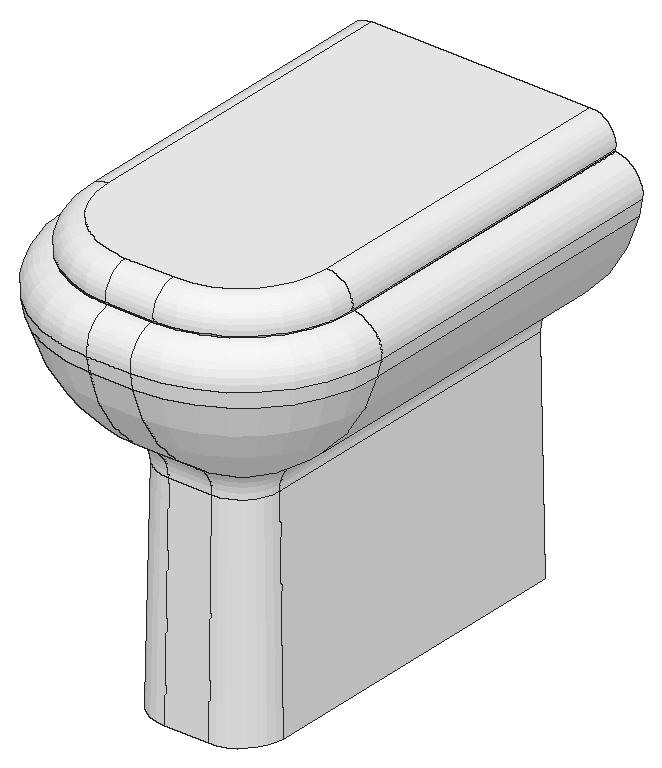
Revit family "SWC_Chartham Rimless BTW 480 CHWC104 Rev00 OK", category Generic Models, Revit 2015
Parameters (values of type "SWC_WC_CHWC104")
  Spare Parts = "http://www.theswc.co.uk/shop/1-Types"
  Nominal Height = "455 mm"
  Manufacturer URL = "www.theswc.co.uk"
  Product Information = "http://www.theswc.co.uk/assets/shop/products/downloads/chwc104charthamrimlessbtwwc480.pdf"
  URL = ""
  Help = "http://www.theswc.co.uk/contact"
  Phone = "01474 338300"
  Brand = "SanCeram"
  Name = "Chartham Rimless back to wall raised height WC"
  Product SKU = "CHWC104"
  Product Family = "Sanitary"
  Product Group = "Back to Wall WC"
  NBS Reference Code = "N13 - 300"
  NBS Reference Description = "WCS AND CISTERNS"
  Weight = "26 kg"
  Trapway Tap = "Concealed"
  Trap Type = "P Trap"
  Rim Type = "Rimless"
  Pan Mounting = "Floor Mounted"
  Seat Colour = "White/ Blue/ Grey"
  Seat = "Seat only white - CHWC112 / Seat only Blue - CHWC113/ Seat only Grey - CHWC114 (Supplied seperatly)"
  Waste Height = "190 mm"
  Nominal Length = "520 mm"
  Nominal Width = "360 mm"
  Primary Finishes = "Alpine White"
  Primary Material = "Vitreous China"
  Secondary Material = "Polished Chrome"
Reference planes
  plane 1 "Center (Front/Back)": y = 0
  plane 2: z = 0
  plane 3 "Center (Left/Right)": x = 0
  plane 4: y = -13.36
  plane 5: y = -538.36
Forms (mm)
  Extrusion 1, solid, material "Porcelain"
    sketch origin (-754.608, 5, 0) x (1, 0, 0) y (0, 0, 1)
      loop
        line (1000, 0) -> (1000, 455) -> (511.575, 455) -> (511.575, 0) -> (1000, 0)
    from 23.36 to 585.783
  Sweep 2, void
    path origin (-1194.608, 5, 0) x (1, 0, 0) y (0, 1, 0)
      loop
        line (1095.23, -23.36) -> (1095.23, -387.241)
        arc (1095.23, -387.241) -> (1117.197, -440.274) -> (1170.23, -462.241) r 75
        line (1170.23, -462.241) -> (1218.985, -462.241)
        arc (1218.985, -462.241) -> (1272.018, -440.274) -> (1293.985, -387.241) r 75
        line (1293.985, -387.241) -> (1293.985, -23.36)
    profile origin (0, -457.241, 0) x (0, 1, 0) y (0, 0, 1)
      loop
        line (-460.623, 0) -> (28.076, 0) -> (33.199, 245.526)
        arc (33.199, 245.526) -> (28.338, 265.089) -> (14.271, 279.526) r 38.563
        arc (14.271, 279.526) -> (-43.001, 330.345) -> (-77.087, 398.907) r 200.806
        arc (-77.087, 398.907) -> (-79.197, 407.774) -> (-80.665, 416.771) r 126.776
        arc (-80.665, 416.771) -> (-73.646, 442.149) -> (-50.665, 455) r 34.168
        line (-50.665, 455) -> (-460.623, 455) -> (-460.623, 0)
  Sweep 3, solid, material "Porcelain"
    path origin (-1194.608, 0, 0) x (1, 0, 0) y (0, 1, 0)
      loop
        line (1369.65, -18.36) -> (1369.65, -385.281)
        arc (1369.65, -385.281) -> (1326.138, -490.328) -> (1221.09, -533.84) r 148.56
        line (1221.09, -533.84) -> (1168.125, -533.84)
        arc (1168.125, -533.84) -> (1063.078, -490.328) -> (1019.566, -385.281) r 148.56
        line (1019.566, -385.281) -> (1019.566, -18.36)
    profile origin (-175.042, -201.82, 0) x (-1, 0, 0) y (0, 0, 1)
      loop
        line (-53.159, 488.905) -> (-53.159, 455.01) -> (-27.443, 455.01)
        arc (-27.443, 455.01) -> (-26.032, 455.418) -> (-25.294, 456.689) r 1.974
        arc (-25.294, 456.689) -> (-31.861, 479.167) -> (-53.159, 488.905) r 28.159
  Extrusion 4, solid, material "Porcelain"
    sketch origin (-1194.608, 0, 0) x (1, 0, 0) y (0, 1, 0)
      loop
        arc (1072.725, -385.281) -> (1100.667, -452.739) -> (1168.125, -480.681) r 95.401
        line (1168.125, -480.681) -> (1221.09, -480.681)
        arc (1221.09, -480.681) -> (1288.548, -452.739) -> (1316.491, -385.281) r 95.401
        line (1316.491, -385.281) -> (1316.491, -18.36) -> (1072.725, -18.36) -> (1072.725, -385.281)
    from 455 to 488.905
  Extrusion 5, solid, material "Porcelain"
    sketch origin (-1194.608, 0, 0) x (1, 0, 0) y (0, 0, 1)
      loop
        circle (1194.608, 190) r 50
      loop
        circle (1272.108, 410) r 27.5
      loop
        circle (1117.108, 410) r 27.5
    from 13.36 to 18.36
Cuts and joins
  Sweep 2 cuts Extrusion 1
  joined: Sweep 3, Extrusion 4
Dimensions and locks
  aligned and locked: level to plane 2
